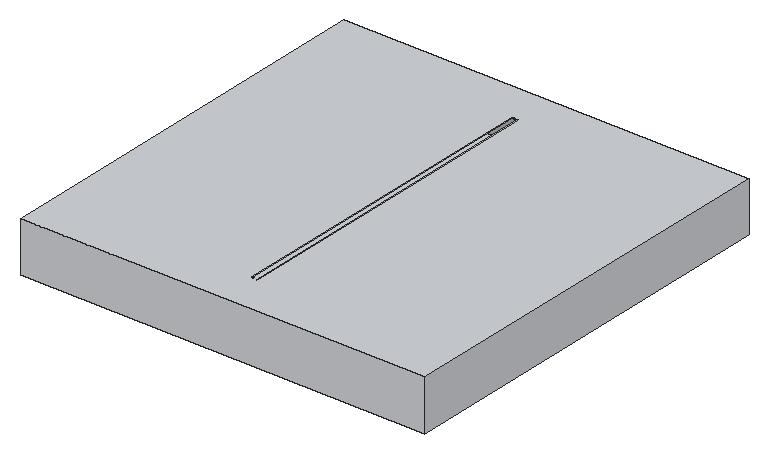
Revit family "LAMP_FIL 35 1960MM OPAL TRIMLESS", category Luminarias, Revit 2018
Family settings
  Anfitrión = Cara
  Cota de conector redondo = Diámetro de uso
  Tipo de pieza = Normal
  Corte con vacíos al cargar = No
  Origen de luz = Sí
  Compartido = No
  Punto de cálculo de habitación = No
Parameters (values of type "2022LM 3000K  WHITE")
  Ángulo de inclinación = -90.00°
  Weight = 4.65 kg
  Wattage = 18.9 W
  Type = "MID POWER TRIDONIC"
  built-in parameter 1150107 = 3000 (stored number, unit not read)
  Recessed dimensions = "1967x52x0"
  built-in parameter 1150110 = 1 (stored number, unit not read)
  built-in parameter 1150109 = 1 (stored number, unit not read)
  built-in parameter 1150112 = 1 (stored number, unit not read)
  built-in parameter 1150113 = 1 (stored number, unit not read)
  built-in parameter 1114218 = 1 (stored number, unit not read)
  Protection rating = "IP20 / IK07"
  Product datasheet = "http://www.lamp.es/product-files/TECH/F31TR196LOOP830NW-EN.pdf"
  Product code = "F31TR196LOOP830NW"
  Product URL = "https://www.lamp.es/en/family/fil-35_413911"
  Power Supply = "220-240V 50/60Hz"
  Power = 19 W
  Plum = 18.9 W
  Photobiological risk = ""
  NOT COVER 2 [instance] = not(END COVER 2)  # no
  NOT COVER 1 [instance] = not(END COVER 1)  # no
  built-in parameter 1150137 = (empty or 0)
  built-in parameter 1150132 = 2
  Modelo = Product code  # "F31TR196LOOP830NW"
  Model Explanation = ""
  Material suspension = LAMP_Acero genérico
  Material perfil = LAMP_Aluminio Perfil Fil BL
  Material difusor = LAMP_PC Difusor Opal Fil
  Manufacturer name = "LAMP"
  Manufacturer country = "Spain"
  Manufacturer URL = "http://www.lamp.es/en"
  MacAdam = "3"
  Longitud de línea de emisión = 1960 mm
  Last update = "07/05/2021"
  Lamp = "MID-POWER LED"
  LED Lifetime = "50.000 L90 B10"
  built-in parameter 1150105 = 799.12 (stored number, unit not read)
  built-in parameter 1150102 = (empty or 0)
  Insulation class = "I"
  Installation instructions = "https://www.lamp.es/product-files/INS/1004590-A%20INSTR.%20FIL35.pdf"
  built-in parameter 1150106 = 7.9912 (stored number, unit not read)
  IEE = "A+"
  Gear = "Electronic"
  Lumens = 2022.3 lm
  Finish = "Matte white RAL 9010"
  Color Filter = 16777215
  built-in parameter 1114217 = 1 (stored number, unit not read)
  built-in parameter 1150139 = (empty or 0)
  Fabricante = Manufacturer name  # "LAMP"
  Default Elevation = 1219.2 mm
  built-in parameter 1150104 = 9.9406 (stored number, unit not read)
  Efficacy = 107 lm/W
  END COVER 2 [instance] = yes
  END COVER 1 [instance] = yes
  Dimensions = "1960x51x76"
  Descripción = "FIL35 TRIM 1960 2800 WW OPAL WH."
  built-in parameter 1150115 = 1 (stored number, unit not read)
  built-in parameter 1150114 = 1 (stored number, unit not read)
  built-in parameter 1150138 = (empty or 0)
  built-in parameter 1150134 = 3
  Dimming Lamp Color Temperature Shift = (empty or 0)
  CRI = "80"
  Archivo de red fotométrica = "F31TR196LOOP830NW.IES"
  built-in parameter 1150133 = 10 (stored number, unit not read)
Types (4, lengths in mm): name | Wattage | built-in parameter 1150107 | Product datasheet | Product code | Modelo | built-in parameter 1150105 | built-in parameter 1150106 | Lumens | built-in parameter 1150104 | Efficacy | Descripción | Archivo de red fotométrica
  2022LM 3000K DALI WHITE | 18.9 W | 3000 (stored number, unit not read) | "http://www.lamp.es/product-files/TECH/F31TR196LOOP830DW-EN.pdf" | "F31TR196LOOP830DW" | "F31TR196LOOP830DW" | 799.12 (stored number, unit not read) | 7.9912 (stored number, unit not read) | 2022.3 lm | 9.9406 (stored number, unit not read) | 107 lm/W | "FIL35 TRIM 1960 2800 WW OPAL DALI WH." | "F31TR196LOOP830nW.IES"
  2022LM 3000K  WHITE | 18.9 W | 3000 (stored number, unit not read) | "http://www.lamp.es/product-files/TECH/F31TR196LOOP830NW-EN.pdf" | "F31TR196LOOP830NW" | "F31TR196LOOP830NW" | 799.12 (stored number, unit not read) | 7.9912 (stored number, unit not read) | 2022.3 lm | 9.9406 (stored number, unit not read) | 107 lm/W | "FIL35 TRIM 1960 2800 WW OPAL WH." | "F31TR196LOOP830NW.IES"
  2128LM 4000K DALI WHITE | 18.9 W | 4000 (stored number, unit not read) | "http://www.lamp.es/product-files/TECH/F31TR196LOOP840DW-EN.pdf" | "F31TR196LOOP840DW" | "F31TR196LOOP840DW" | 840.94 (stored number, unit not read) | 8.4094 (stored number, unit not read) | 2128.14 lm | 10.461 (stored number, unit not read) | 112.6 lm/W | "FIL35 TRIM 1960 2800 NW OPAL DALI WH." | "F31TR196LOOP840nW.IES"
  2128LM 4000K  WHITE | 17.1 W | 4000 (stored number, unit not read) | "http://www.lamp.es/product-files/TECH/F31TR196LOOP840NW-EN.pdf" | "F31TR196LOOP840NW" | "F31TR196LOOP840NW" | 760.85 (stored number, unit not read) | 7.6085 (stored number, unit not read) | 1925.46 lm | 10.461 (stored number, unit not read) | 112.6 lm/W | "FIL35 TRIM 1960 2800 NW OPAL WH." | "F31TR196LOOP840NW.IES"
Reference planes
  plane 1 "Centro (Frontal/Posterior)": y = 0
  plane 2: z = 0
  plane 3 "Centro (Izquierda/Derecha)": x = 0
Forms (mm)
  Extrusion 1, solid
    sketch origin (0, 0, 0) x (1, 0, 0) y (0, 1, 0)
      loop
        line (-1219.2, 1219.2) -> (-1219.2, -1219.2) -> (1219.2, -1219.2) -> (1219.2, 1219.2) -> (-1219.2, 1219.2)
    from 0 to -304.8
  Extrusion 2, solid, material "LAMP_Aluminio Perfil Fil BL" <- "Material perfil"
    sketch origin (0, 0, -281.8) x (1, 0, 0) y (0, 0, 1)
      loop
        line (-17.5, 205.82) -> (0, 205.82) -> (17.5, 205.82) -> (17.5, 270.3) -> (25.5, 270.3) -> (25.5, 271.8) -> (17.5, 271.8) -> (17.5, 280.8) -> (16.5, 281.8) -> (16.5, 259) -> (0, 259) -> (-16.5, 259) -> (-16.5, 281.8) -> (-17.5, 280.8) -> (-17.5, 271.8) -> (-25.5, 271.8) -> (-25.5, 270.3) -> (-17.5, 270.3) -> (-17.5, 205.82)
    from -980 to 980
  Extrusion 3, solid, material "LAMP_PC Difusor Opal Fil" <- "Material difusor"
    sketch origin (0, 0, -283) x (1, 0, 0) y (0, 0, 1)
      loop
        line (-16.5, 283) -> (-16.5, 281.8) -> (16.5, 281.8) -> (16.5, 283) -> (-16.5, 283)
    from -980 to 980
Text (mm)
  text "Any modification of the parameters and properties of the LAMP BIM models must be executed and validated by the LAMP technical department.\nPhone: +34 93 736 68 00\nE-mail: lamp@lamp.es\n\nLAMP reserves the right to modify the technical specifications of its products." at (3132.481, 5298.258, -2877.568), in view "Preview"
Dimensions and locks
  aligned and locked: plane 2 to Extrusion 1
  aligned and locked: level to Extrusion 1
Nested families
  nested 1: "LAMP_FIL 35 END COVER TRIMLESS" at (0, -981, -76), visible <- "END COVER 1", type "Blanco"
  nested 2: "LAMP_FIL 35 END COVER TRIMLESS" at (0, 981, -76), visible <- "END COVER 2", type "Blanco"
Connectors
  electrical at (0, 0, -75.3)
    settings: on Extrusion 2, index 1, voltage 230 V, apparent load 0 VA, apparent load phase1 0 VA, apparent load phase2 0 VA, apparent load phase3 0 VA, power factor 1, load classification "Otro", number of poles 1, system type 31, power factor state 1, is connector primary yes, connector utility no, sub classification motor no, connector description ""
Definition of nested family "LAMP_FIL 35 END COVER TRIMLESS"
  Parameters (values of type "Blanco")
    Material tapa = none
  Reference planes
    plane 1 "Centro (Frontal/Posterior)": y = 0
    plane 2: z = 0
    plane 3 "Centro (Izquierda/Derecha)": x = 0
  Forms (mm)
    Extrusion 1, solid, material <- "Material tapa"
      sketch origin (0, 0, 0) x (0, -1, 0) y (0, 0, 1)
        loop
          line (0, 0) -> (1, 0) -> (1, 76) -> (-1, 76) -> (-1, 0) -> (0, 0)
      from -17.5 to 17.5
    Extrusion 2, void
      sketch origin (-1, 0, 65.55) x (1, 0, 0) y (0, 0, 1)
        loop
          line (18.5, 0) -> (18.5, 10.45) -> (17.5, 10.45) -> (17.5, 0) -> (18.5, 0)
      from -23.5 to 23.5
    Extrusion 3, void
      sketch origin (1, 0, 65.55) x (-1, 0, 0) y (0, 0, -1)
        loop
          line (18.5, 0) -> (17.5, 0) -> (17.5, -10.45) -> (18.5, -10.45) -> (18.5, 0)
      from -23.5 to 23.5
  Cuts and joins
    Extrusion 2, Extrusion 3 cuts Extrusion 1
  Dimensions and locks
    aligned and locked: level to plane 2
